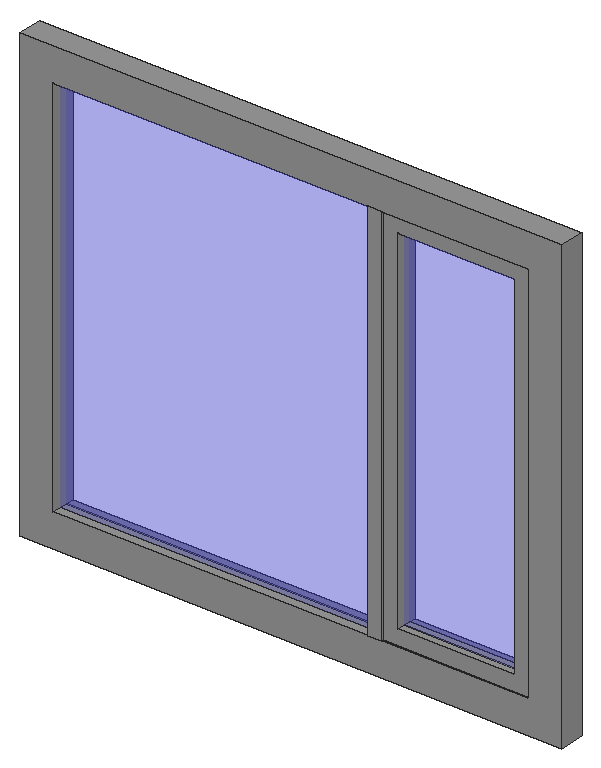
Revit family "Family25", category Windows, host Wall, Revit 2018
Family settings
  Host = Wall
  OmniClass Number = 23.30.20.00
  OmniClass Title = Windows
  Always vertical = Yes
  Cut with Voids When Loaded = No
  Shared = No
  Room Calculation Point = No
Parameters
  Window Frame = White
  Visual Light Transmittance = 0.81
  URL = "www.skywardwindows.co.za"
  Thermal Resistance (R) = 0.3196 (m²·K)/W
  Telephone = "021 276 1800"
  Solar Heat Gain Coefficient = 0.76
  Manufacturer = "Skyward Windows"
  Height = 1490 mm
  Heat Transfer Coefficient (U) = 3.1292 W/(m²·K)
  Glass Thickness = 4 mm
  Glass = Glass
  Frame Width = 46.195 mm
  Email Address = "info@skywardwindows.co.za"
  Default Sill Height = 800 mm
  Wall Closure = By host
  Width = 1790 mm
  Company Address = "Charles Matthews Street Atlantis 7349"
  Analytic Construction = "Double glazing - domestic"
Reference planes
  plane 1 "Center (Front/Back)": y = 0
  plane 2 "Center (Left/Right)": x = 0
  plane 3 "Left": x = -895
  plane 4 "Right": x = 895
  plane 5 "Sill": z = 800
  plane 6 "Head": z = 2290
  plane 7 "Exterior": y = 100
  plane 8 "Interior": y = -100
Forms (mm)
  Extrusion 1, solid, material "White" <- "Window Frame"
    sketch origin (0, -100, 0) x (1, 0, 0) y (0, 0, 1)
      loop
        line (-895, 2290) -> (-895, 800) -> (895, 800) -> (895, 2290) -> (-895, 2290)
      loop
        line (-786, 909) -> (786, 909) -> (786, 2181) -> (-786, 2181) -> (-786, 909)
    from -142 to -58
  Extrusion 2, solid, material "White" <- "Window Frame"
    sketch origin (0, -100, 0) x (1, 0, 0) y (0, 0, 1)
      loop
        line (302.867, 2181) -> (302.867, 909) -> (786, 909) -> (786, 2181) -> (302.867, 2181)
      loop
        line (350, 2131) -> (350, 959) -> (736, 959) -> (736, 2131) -> (350, 2131)
    from -134.904 to -64.489
  Extrusion 3, solid, material "White" <- "Window Frame"
    sketch origin (0, -100, 0) x (1, 0, 0) y (0, 0, 1)
      loop
        line (300, 2181) -> (253.805, 2181) -> (253.805, 909) -> (300, 909) -> (300, 2181)
    from -142 to -58
  Extrusion 4, solid, material "Glass" <- "Glass"
    sketch origin (0, 0, 0) x (1, 0, 0) y (0, 1, 0)
      loop
        line (-786, 14) -> (-786, 10) -> (253.805, 10) -> (253.805, 14) -> (-786, 14)
      loop
        line (253.805, -14) -> (253.805, -10) -> (-786, -10) -> (-786, -14) -> (253.805, -14)
    from 909 to 2181
  Extrusion 5, solid, material "Glass" <- "Glass"
    sketch origin (0, 0, 0) x (1, 0, 0) y (0, 1, 0)
      loop
        line (350, 14) -> (350, 10) -> (736, 10) -> (736, 14) -> (350, 14)
      loop
        line (736, -14) -> (736, -10) -> (350, -10) -> (350, -14) -> (736, -14)
    from 959 to 2131
Lines and regions (mm)
  Opening 1
    outline origin (3500, -100, 0) x (1, 0, 0) y (0, 0, 1)
      loop
        line (-2605, 800) -> (-2605, 2290) -> (-4395, 2290) -> (-4395, 800) -> (-2605, 800)
Text (mm)
  text "EXTERIOR" at (-1963.203, 1332.353, 0), in view "Ref. Level"
  text "INTERIOR" at (-1981.466, -818.386, 0), in view "Ref. Level"
  text "Exterior" at (0, 923.751, 2943.296), in view "Right"
  text "Exterior" at (0, 1040.484, 2685.409), in view "Left"
Dimensions and locks
  equal spacing: plane 3 "Left", plane 2 "Center (Left/Right)", plane 4 "Right"
  "Width": plane 3 "Left" to plane 4 "Right"
  "Height": plane 5 "Sill" to plane 6 "Head"
  "Default Sill Height": plane 5 "Sill" to level
  locked: plane 7 "Exterior" to host wall at 0
  locked: plane 8 "Interior" to host wall
  "Glass Thickness": Extrusion 4 to Extrusion 4
  "Glass Thickness": Extrusion 5 to Extrusion 5
  aligned and locked: Extrusion 1 sketch curve to host wall  (x4)
Automatic sketch dimensions
  Opening 1 sketch curve to plane 3 "Left" = 0 mm
  Opening 1 sketch curve to plane 4 "Right" = 0 mm
  Opening 1 sketch curve to plane 5 "Sill" = 0 mm
  Opening 1 sketch curve to plane 6 "Head" = 0 mm
  Extrusion 1 sketch curve to plane 3 "Left" = 109 mm
  plane 4 "Right" to Extrusion 1 sketch curve = 109 mm
  Extrusion 1 sketch curve to plane 5 "Sill" = 109 mm
  plane 6 "Head" to Extrusion 1 sketch curve = 109 mm
  Extrusion 2 sketch curve to plane 5 "Sill" = 109 mm
  Extrusion 2 sketch curve to plane 2 "Center (Left/Right)" = 302.867 mm
  Extrusion 2 sketch curve to Extrusion 2 sketch curve = 47.133 mm
  plane 4 "Right" to Extrusion 2 sketch curve = 159 mm
  Extrusion 2 sketch curve to Extrusion 2 sketch curve = 50 mm  (x3)
  plane 6 "Head" to Extrusion 2 sketch curve = 159 mm
  Extrusion 3 sketch curve to Extrusion 3 sketch curve = 46.195 mm
  Extrusion 3 sketch curve to plane 5 "Sill" = 109 mm
  plane 6 "Head" to Extrusion 3 sketch curve = 109 mm
  Extrusion 3 sketch curve to plane 2 "Center (Left/Right)" = 253.805 mm
  Extrusion 4 sketch curve to host wall = 14 mm
  Extrusion 4 sketch curve to plane 3 "Left" = 109 mm
  Extrusion 4 sketch curve to Extrusion 4 sketch curve = 0 mm  (x2)
  Extrusion 4 sketch curve to plane 2 "Center (Left/Right)" = 253.805 mm
  host wall to Extrusion 4 sketch curve = 10 mm
  Extrusion 4 sketch curve to Extrusion 4 sketch curve = 4 mm  (x2)
  Extrusion 5 sketch curve to host wall = 14 mm
  Extrusion 5 sketch curve to plane 2 "Center (Left/Right)" = 350 mm
  Extrusion 5 sketch curve to Extrusion 5 sketch curve = 0 mm  (x2)
  plane 4 "Right" to Extrusion 5 sketch curve = 159 mm
  host wall to Extrusion 5 sketch curve = 10 mm
  Extrusion 5 sketch curve to Extrusion 5 sketch curve = 4 mm  (x2)
